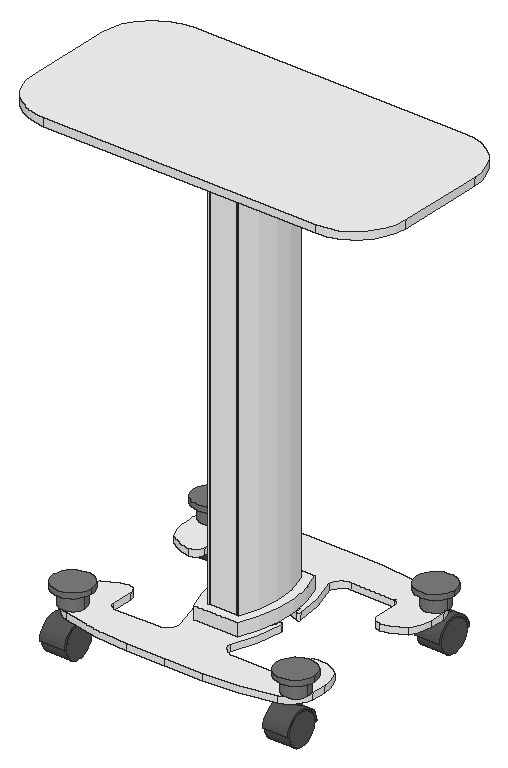
Revit family "Legrand Export Snap on Mini Columns", category Installations électriques, Revit 2020
Family settings
  Conserver l'orientation des annotations = Non
  Cote de connecteur circulaire = Utiliser le diamètre
  Type d'élément = Normal
  Basée sur le plan de construction = Non
  Toujours verticalement = Oui
  Couper avec des vides une fois chargée = Non
  Partagée = Non
  Point de calcul de pièce = Non
Parameters (values of type "Roll&Plug 2 cpts 0,68M White")
  Visibility Control Table [instance] = and(Shelf, not([4 CPT]))  # yes
  Visibility Control Stand [instance] = and(or(Feet, Visibility Control Casters), not(Black), not([4 CPT]))  # yes
  Visibility Control Casters [instance] = and(Casters option, not(Black), not([4 CPT]))  # yes
  Séparateur = if([4 CPT], 125 mm, 34.7 mm)  # 34.7 mm
  Standard = "Snap-on-ON"
  Offset [instance] = if(Visibility Control Casters, 68 mm, if(Visibility Control Stand, 10 mm, 0 mm))  # 68 mm
  Number of compartments = "2 compartments"
  Modèle = "LG-653029"
  Matériaux corps = Legrand - Aluminium blanc
  Matériau couvercle = Legrand - Plastique blanc
  Main Material = "Aluminum"
  Longueur = if([1 CPT], 82 mm, 125 mm)  # 125 mm
  Largeur = if([4 CPT], 125 mm, 75 mm)  # 75 mm
  Shelf [instance] = yes
  Finishing = "White"
  Feet [instance] = yes
  Casters option [instance] = yes
  H1 = 680 mm
  HC = H1 - 40 mm  # 640 mm
  Fabricant = "LEGRAND"
  Elévation par défaut = 0 mm
  Description = "roll and plug 2 cpts 0,68m White table foot wheels 6pc+e fs dble usb 4m p cable"
  Column stand = Movable feet : Foot for mini Column White
  Black = no
  4 CPT = no
  2 CPT = yes
  1 CPT = no
Types (19, lengths in mm): name | Visibility Control Table | Visibility Control Stand | Visibility Control Casters | Séparateur | Offset | Number of compartments | Modèle | Matériaux corps | Matériau couvercle | Main Material | Longueur | Largeur | Shelf | Finishing | Feet | Casters option | H1 | HC | Description | Column stand | Black | 4 CPT | 2 CPT | 1 CPT
  Column 1 cpt CV45 0,30M White | no | no | no | 34.7 | 0 | "1 compartment" | "LG-653000" | Legrand - Aluminium blanc | Legrand - Plastique blanc | "Aluminum" | 82 | 75 | no | "White" | no | no | 300 | 260 | "mini Column direct clipping 1 compartment 0,30m White" | Movable feet : Foot for mini Column White | no | no | no | yes
  Column 1 cpt CV45 0,30M Alu | no | no | no | 34.7 | 0 | "1 compartment" | "LG-653001" | Legrand - Aluminium gris | Legrand - Plastique gris | "Aluminum" | 82 | 75 | no | "Aluminum" | no | no | 300 | 260 | "mini Column direct clipping 1 compartment 0,30m Aluminium" | Movable feet : Foot for mini Column Alu | no | no | no | yes
  Column 1 cpt CV45 0,30M Black | no | no | no | 34.7 | 0 | "1 compartment" | "LG-653002" | Legrand - Aluminium noir | Legrand - Plastique noir | "Aluminum" | 82 | 75 | no | "Black" | no | no | 300 | 260 | "mini Column direct clipping 1 compartment 0,30m Black" | Shelf : Table for mini Column T1/2 | yes | no | no | yes
  Column 1 cpt CV45 0,68M White | no | no | no | 34.7 | 0 | "1 compartment" | "LG-653003" | Legrand - Aluminium blanc | Legrand - Plastique blanc | "Aluminum" | 82 | 75 | no | "White" | no | no | 680 | 640 | "mini Column direct clipping 1 compartment 0,68m White" | Movable feet : Foot for mini Column White | no | no | no | yes
  Column 1 cpt CV45 0,68M Alu | no | no | no | 34.7 | 0 | "1 compartment" | "LG-653004" | Legrand - Aluminium gris | Legrand - Plastique gris | "Aluminum" | 82 | 75 | no | "Aluminum" | no | no | 680 | 640 | "mini Column direct clipping 1 compartment 0,68m Aluminium" | Movable feet : Foot for mini Column Alu | no | no | no | yes
  Column 1 cpt CV45 0,68M Black | no | no | no | 34.7 | 0 | "1 compartment" | "LG-653005" | Legrand - Aluminium noir | Legrand - Plastique noir | "Aluminum" | 82 | 75 | no | "Black" | no | no | 680 | 640 | "mini Column direct clipping 1 compartment 0,68m Black" | Shelf : Table for mini Column T1/2 | yes | no | no | yes
  Column 2 cpts CV45 0,3M White | no | no | no | 34.7 | 0 | "2 compartments" | "LG-653020" | Legrand - Plastique blanc | Legrand - Plastique blanc | "Plastic" | 125 | 75 | no | "White" | no | no | 300 | 260 | "mini Column direct clipping 2 compartments 0,30m White" | Movable feet : Foot for mini Column White | no | no | yes | no
  Column 2 cpts CV45 0,3M Alu | no | no | no | 34.7 | 0 | "2 compartments" | "LG-653021" | Legrand - Aluminium gris | Legrand - Plastique gris | "Aluminum" | 125 | 75 | no | "Aluminum" | no | no | 300 | 260 | "mini Column direct clipping 2 compartments 0,30m Aluminium" | Movable feet : Foot for mini Column Alu | no | no | yes | no
  Column 2 cpts CV45 0,3M Black | no | no | no | 34.7 | 0 | "2 compartments" | "LG-653022" | Legrand - Aluminium noir | Legrand - Plastique noir | "Aluminum" | 125 | 75 | no | "Black" | no | no | 300 | 260 | "mini Column direct clipping 2 compartments 0,30m Black" | Shelf : Table for mini Column T1/2 | yes | no | yes | no
  Column 2 cpts 45 0,68M White | no | no | no | 34.7 | 0 | "2 compartments" | "LG-653023" | Legrand - Aluminium blanc | Legrand - Plastique blanc | "Aluminum" | 125 | 75 | no | "White" | no | no | 380 | 340 | "mini Column direct clipping 2 compartments 0,68m White" | Movable feet : Foot for mini Column White | no | no | yes | no
  Column 2 cpts CV45 0,68M Alu | no | no | no | 34.7 | 0 | "2 compartments" | "LG-653024" | Legrand - Aluminium gris | Legrand - Plastique gris | "Aluminum" | 125 | 75 | no | "Aluminum" | no | no | 680 | 640 | "mini Column direct clipping 2 compartments 0,68m Aluminium" | Movable feet : Foot for mini Column Alu | no | no | yes | no
  Column 2 cpts CV45 0,68M Black | no | no | no | 34.7 | 0 | "2 compartments" | "LG-653025" | Legrand - Aluminium noir | Legrand - Plastique noir | "Aluminum" | 125 | 75 | no | "Black" | no | no | 680 | 640 | "mini Column direct clipping 2 compartments 0,68m Black" | Shelf : Table for mini Column T1/2 | yes | no | yes | no
  Column 4 cpts 45 0,30M White | no | no | no | 125 | 0 | "4 compartments" | "LG-653040" | Legrand - Aluminium blanc | Legrand - Plastique blanc | "Aluminum" | 125 | 125 | no | "White" | no | no | 300 | 260 | "mini Column direct clipping 4 compartments 0,30m White" | Movable feet : Foot for mini Column White | no | yes | no | no
  Column 4 cpts CV45 0,30M Alu | no | no | no | 125 | 0 | "4 compartments" | "LG-653041" | Legrand - Aluminium gris | Legrand - Plastique gris | "Aluminum" | 125 | 125 | no | "Aluminum" | no | no | 300 | 260 | "mini Column direct clipping 4 compartments 0,30m Aluminium" | Movable feet : Foot for mini Column Alu | no | yes | no | no
  Column 4 cpts CV45 0,30M Black | no | no | no | 125 | 0 | "4 compartments" | "LG-653042" | Legrand - Aluminium noir | Legrand - Plastique noir | "Aluminum" | 125 | 125 | no | "Black" | no | no | 300 | 260 | "mini Column direct clipping 4 compartments 0,30m Black" | Shelf : Table for mini Column T1/2 | yes | yes | no | no
  Column 4 cpts CV45 0,68M Black | no | no | no | 125 | 0 | "4 compartments" | "LG-653045" | Legrand - Aluminium noir | Legrand - Plastique noir | "Aluminum" | 125 | 125 | no | "Black" | no | no | 680 | 640 | "mini Column direct clipping 4 compartments 0,68m Black" | Shelf : Table for mini Column T1/2 | yes | yes | no | no
  Column 4 cpts CV45 0,68M Alu | no | no | no | 125 | 0 | "4 compartments" | "LG-653044" | Legrand - Aluminium gris | Legrand - Plastique gris | "Aluminum" | 125 | 125 | no | "Aluminum" | no | no | 680 | 640 | "mini Column direct clipping 4 compartments 0,68m Aluminium" | Movable feet : Foot for mini Column Alu | no | yes | no | no
  Column 4 cpts 45 0,68M White | no | no | no | 125 | 0 | "4 compartments" | "LG-653043" | Legrand - Aluminium blanc | Legrand - Plastique blanc | "Aluminum" | 125 | 125 | no | "White" | no | no | 680 | 640 | "mini Column direct clipping 4 compartments 0,68m White" | Movable feet : Foot for mini Column White | no | yes | no | no
  Roll&Plug 2 cpts 0,68M White | yes | yes | yes | 34.7 | 68 | "2 compartments" | "LG-653029" | Legrand - Aluminium blanc | Legrand - Plastique blanc | "Aluminum" | 125 | 75 | yes | "White" | yes | yes | 680 | 640 | "roll and plug 2 cpts 0,68m White table foot wheels 6pc+e fs dble usb 4m p cable" | Movable feet : Foot for mini Column White | no | no | yes | no
Reference planes
  plane 1 "Centre (avant/arrière)": y = 0
  plane 2: z = 68
  plane 3 "Centre (gauche/droite)": x = 0
  plane 4: z = 748
  plane 5: x = 37.5
  plane 6: x = -37.5
  plane 7: y = 62.5
  plane 8: y = -62.5
  plane 9: x = -22.539
  plane 10: x = 22.539
  plane 11 "Bas Corps": z = 88
  plane 12 "Haut corps": z = 728
  plane 13: z = 0
  plane 14 "Connecteur": z = 408
Forms (mm)
  Extrusion 1, solid, material "Legrand - Aluminium blanc" <- "Matériaux corps"
    sketch origin (0, 0, 88) x (-1, 0, 0) y (0, -1, 0)
      loop
        arc (25.639, -62.5) -> (37.5, 0) -> (25.639, 62.5) r 170.6
        line (25.639, 62.5) -> (22.539, 62.5) -> (22.539, 17.358) -> (2.539, 17.358) -> (2.539, -17.358) -> (22.539, -17.358) -> (22.539, -62.5) -> (25.639, -62.5)
      loop
        arc (-25.639, 62.5) -> (-37.5, 0) -> (-25.639, -62.5) r 170.6
        line (-25.639, -62.5) -> (-22.539, -62.5) -> (-22.539, -17.358) -> (-2.539, -17.358) -> (-2.539, 17.358) -> (-22.539, 17.358) -> (-22.539, 62.5) -> (-25.639, 62.5)
    from 0 to 640 <- "HC"
  Extrusion 2, solid, material "Legrand - Aluminium blanc" <- "Matériaux corps"
    sketch origin (0, 0, 88) x (-1, 0, 0) y (0, -1, 0)
      loop
        line (2.55, -17.35) -> (2.55, 17.35) -> (-2.55, 17.35) -> (-2.55, -17.35) -> (2.55, -17.35)
    from 0 to 640 <- "HC"
  Extrusion 3, solid, material "Legrand - Plastique blanc" <- "Matériau couvercle"
    sketch origin (0, 0, 0) x (1, 0, 0) y (0, 1, 0)
      loop
        arc (-35.545, 77.5) -> (-52.5, 0) -> (-35.545, -77.5) r 185.6
        line (-35.545, -77.5) -> (35.545, -77.5)
        arc (35.545, -77.5) -> (52.5, 0) -> (35.545, 77.5) r 185.6
        line (35.545, 77.5) -> (-35.545, 77.5)
    from 68 to 88
  Extrusion 4, solid, material "Legrand - Plastique blanc" <- "Matériau couvercle"
    sketch origin (0, 0, 728) x (-1, 0, 0) y (0, -1, 0)
      loop
        arc (26.995, -64.5) -> (39.5, 0) -> (26.995, 64.5) r 172.6
        line (26.995, 64.5) -> (-26.995, 64.5)
        arc (-26.995, 64.5) -> (-39.5, 0) -> (-26.995, -64.5) r 172.6
        line (-26.995, -64.5) -> (26.995, -64.5)
    from 0 to 20
Cuts and joins
  joined: Extrusion 1, Extrusion 2
Dimensions and locks
  "H1": plane 4 to plane 2
  equal spacing: plane 7, plane 1 "Centre (avant/arrière)", plane 8
  equal spacing: plane 6, plane 3 "Centre (gauche/droite)", plane 5
  "Largeur": plane 6 to plane 5
  "Longueur": plane 7 to plane 8
  locked: plane 6 to plane 9 at 14.961
  locked: plane 10 to plane 5 at 14.961
  locked: Extrusion 1 sketch curve to plane 9 at 14.961
  locked: plane 10 to Extrusion 1 sketch curve at 14.961
  Extrusion 1 sketch curve to plane 1 "Centre (avant/arrière)" to Extrusion 1 sketch curve = 17.358 mm locked, 17.358 mm locked
  equal spacing: Extrusion 2 sketch curve, plane 3 "Centre (gauche/droite)", Extrusion 2 sketch curve
  equal spacing: Extrusion 2 sketch curve, plane 1 "Centre (avant/arrière)", Extrusion 2 sketch curve
  "Séparateur": Extrusion 2 sketch curve to Extrusion 2 sketch curve
  locked: Extrusion 2 sketch curve to Extrusion 2 sketch curve at 5.1
  locked: plane 11 "Bas Corps" to plane 2 at 20
  locked: plane 4 to plane 12 "Haut corps" at 20
  locked: Extrusion 3 sketch curve to plane 6 at 15
  Extrusion 3 sketch curve to plane 7 = 15 mm
  locked: Extrusion 3 sketch curve to plane 8 at 15
  locked: plane 5 to Extrusion 3 sketch curve at 15
  locked: Extrusion 4 sketch curve to plane 6 at 2
  locked: plane 5 to Extrusion 4 sketch curve at 2
  locked: Extrusion 4 sketch curve to plane 7 at 2
  locked: plane 8 to Extrusion 4 sketch curve at 2
  "Offset": plane 2 to plane 13
  equal spacing: plane 4, plane 14 "Connecteur", plane 2
  radius of Extrusion 1 sketch curve = 170.6 mm  (x2)
  radius of Extrusion 3 sketch curve = 185.6 mm  (x2)
  radius of Extrusion 4 sketch curve = 172.6 mm  (x2)
  aligned and locked: Extrusion 1 sketch curve to plane 7  (x2)
  aligned and locked: plane 8 to Extrusion 1 sketch curve  (x2)
  aligned and locked: plane 9 to Extrusion 1 sketch curve
  aligned and locked: plane 10 to Extrusion 1 sketch curve
  aligned and locked: nested 1 to Extrusion 1
  aligned and locked: nested 1 to plane 7
  aligned and locked: Extrusion 1 to nested 1
  aligned and locked: nested 2 to plane 7
  aligned and locked: nested 2 to Extrusion 1  (x2)
  aligned and locked: nested 3 to Extrusion 1  (x2)
  aligned and locked: plane 8 to nested 3
  aligned and locked: plane 8 to nested 4
  aligned and locked: nested 4 to Extrusion 1
  aligned and locked: nested 4 to nested 3
  aligned and locked: nested 4 to plane 11 "Bas Corps"
  aligned and locked: nested 3 to plane 11 "Bas Corps"
  aligned and locked: nested 2 to plane 11 "Bas Corps"
  aligned and locked: nested 1 to plane 11 "Bas Corps"
  aligned and locked: plane 11 "Bas Corps" to Extrusion 3
  aligned and locked: plane 4 to Extrusion 4
  aligned and locked: Extrusion 3 to plane 2
  aligned and locked: level to plane 13
Automatic sketch dimensions
  Extrusion 1 sketch curve to plane 10 = 0 mm
  Extrusion 1 sketch curve to plane 9 = 0 mm
  plane 1 "Centre (avant/arrière)" to Extrusion 1 sketch curve = 0 mm  (x2)
  plane 3 "Centre (gauche/droite)" to Extrusion 1 sketch curve = 2.539 mm
  Extrusion 1 sketch curve to plane 3 "Centre (gauche/droite)" = 2.539 mm
  Extrusion 1 sketch curve to plane 1 "Centre (avant/arrière)" = 17.358 mm
  plane 1 "Centre (avant/arrière)" to Extrusion 1 sketch curve = 17.358 mm
  plane 1 "Centre (avant/arrière)" to Extrusion 3 sketch curve = 0 mm  (x2)
  plane 1 "Centre (avant/arrière)" to Extrusion 4 sketch curve = 0 mm  (x2)
Nested families
  nested 1: "Column cover" at (-22.539, 62.5, 88), H1 <- "HC", Matériau <- "Matériau couvercle", type "Column cover"
    with Matériau Legrand - Plastique blanc, L1 45.142 mm, H1 640 mm
  nested 2: "Column cover" at (-22.461, 62.5, 88), visible <- "4 CPT", H1 <- "HC", Matériau <- "Matériau couvercle", type "Column cover"
    with Matériau Legrand - Plastique blanc, L1 45.142 mm, H1 640 mm
  nested 3: "Column cover" at (-22.461, -17.358, 88), visible <- "4 CPT", H1 <- "HC", Matériau <- "Matériau couvercle", type "Column cover"
    with Matériau Legrand - Plastique blanc, L1 45.142 mm, H1 640 mm
  nested 4: "Column cover" at (-22.539, -17.358, 88), H1 <- "HC", Matériau <- "Matériau couvercle", type "Column cover"
    with Matériau Legrand - Plastique blanc, L1 45.142 mm, H1 640 mm
  nested 5: "Shelf" at (0, 0, 748), visible <- "Visibility Control Table", type "Table for mini Column T1/2"
  nested 6: "Movable feet" at (0.11, -0.11, 68) x (0, -1, 0) z (0, 0, -1), type <- "Column stand", visible <- "Visibility Control Stand", type "Foot for mini Column White"
  nested 7: "Caster" at (-180.073, -153.848, 0) x (-1, 0, 0) z (0, 0, 1), visible <- "Visibility Control Casters", type "4 wheels with cable holder"
  nested 8: "Caster" at (180.073, -153.848, 0) x (-1, 0, 0) z (0, 0, 1), visible <- "Visibility Control Casters", type "4 wheels with cable holder"
  nested 9: "Caster" at (-180.073, 153.629, 0) x (-1, 0, 0) z (0, 0, 1), visible <- "Visibility Control Casters", type "4 wheels with cable holder"
  nested 10: "Caster" at (180.073, 153.629, 0) x (-1, 0, 0) z (0, 0, 1), visible <- "Visibility Control Casters", type "4 wheels with cable holder"
Connectors
  electrical at (0, 0, 408)
    settings: index 1, voltage 0 V, apparent load 0 VA, apparent load phase1 0 VA, apparent load phase2 0 VA, apparent load phase3 0 VA, power factor 1, load classification "Autre", number of poles 1, system type 31, power factor state 1, is connector primary yes, connector utility no, sub classification motor no, connector description ""
Definition of nested family "Column cover"
  Parameters (values of type "IDS_COLUMN_COVER")
    Matériau [instance] = none
    L1 [instance] = 187.766 mm
    H1 [instance] = 2660 mm
    Default Elevation = 0 mm
  Reference planes
    plane 1 "Centre (avant/arrière)": y = 0
    plane 2: z = 0
    plane 3 "Centre (gauche/droite)": x = 0
    plane 4: x = 45
    plane 5: y = -187.766
    plane 6: z = 2660
  Forms (mm)
    Extrusion 1, solid, material <- "Matériau"
      sketch origin (0, 0, 0) x (1, 0, 0) y (0, 1, 0)
        loop
          line (0, 0) -> (0, -187.766) -> (45, -187.766) -> (45, 0) -> (0, 0)
      from 0 to 2660
  Dimensions and locks
    plane 3 "Centre (gauche/droite)" to plane 4 = 45 mm
    "L1": plane 5 to plane 1 "Centre (avant/arrière)"
    "H1": plane 6 to plane 2
    aligned and locked: level to plane 2
    aligned and locked: plane 6 to Extrusion 1
  Automatic sketch dimensions
    Extrusion 1 sketch curve to plane 3 "Centre (gauche/droite)" = 0 mm
    Extrusion 1 sketch curve to plane 4 = 0 mm
    Extrusion 1 sketch curve to plane 5 = 0 mm
    plane 1 "Centre (avant/arrière)" to Extrusion 1 sketch curve = 0 mm
Definition of nested family "Shelf"
  Parameters (values of type "IDS_653084")
    Model = "LG-653084"
    Manufacturer = "LEGRAND"
    Default Elevation = 1219.2 mm
    Description = "IDS_DESCRITPION_LG-653084"
  Reference planes
    plane 1 "Centre (avant/arrière)": y = 0
    plane 2: z = 0
    plane 3 "Centre (gauche/droite)": x = 0
  Forms (mm)
    Extrusion 1, solid
      sketch origin (0, 0, 0) x (1, 0, 0) y (0, 1, 0)
        loop
          line (-1219.2, 1219.2) -> (-1219.2, -1219.2) -> (1219.2, -1219.2) -> (1219.2, 1219.2) -> (-1219.2, 1219.2)
      from 0 to -304.8
    Extrusion 2, solid
      sketch origin (0, 0, 0) x (1, 0, 0) y (0, 1, 0)
        loop
          arc (-220, 150) -> (-276.569, 126.569) -> (-300, 70) r 80
          line (-300, 70) -> (-300, -70)
          arc (-300, -70) -> (-276.569, -126.569) -> (-220, -150) r 80
          line (-220, -150) -> (220, -150)
          arc (220, -150) -> (276.569, -126.569) -> (300, -70) r 80
          line (300, -70) -> (300, 70)
          arc (300, 70) -> (276.569, 126.569) -> (220, 150) r 80
          line (220, 150) -> (-220, 150)
      from 0 to 12
  Dimensions and locks
    Extrusion 2 to Extrusion 2 = 600 mm
    Extrusion 2 to Extrusion 2 = 300 mm
    aligned and locked: plane 2 to Extrusion 1
    aligned and locked: level to Extrusion 1
Definition of nested family "Movable feet"
  Parameters (values of type "IDS_653087")
    Materiau = none
    Default Elevation = 1219.2 mm
  Types (3): name
    (no name)
    IDS_653086
    IDS_653087
  Reference planes
    plane 1 "Centre (avant/arrière)": y = 0
    plane 2: z = 0
    plane 3 "Centre (gauche/droite)": x = 0
    plane 4: y = -200
    plane 5: y = 200
    plane 6: x = -180
    plane 7: x = 180
  Forms (mm)
    Extrusion 1, solid
      sketch origin (0, 0, 0) x (1, 0, 0) y (0, 1, 0)
        loop
          line (-1219.2, 1219.2) -> (-1219.2, -1219.2) -> (1219.2, -1219.2) -> (1219.2, 1219.2) -> (-1219.2, 1219.2)
      from 0 to -304.8
    Extrusion 2, solid, material <- "Materiau"
      sketch origin (0, 0, 0) x (1, 0, 0) y (0, 1, 0)
        loop
          line (-180, 0) -> (-180, -61.189)
          arc (-180, -61.189) -> (-175.417, -115.996) -> (-165, -170) r 513.701
          arc (-165, -170) -> (-153.071, -189.987) -> (-132.058, -200) r 40.162
          line (-132.058, -200) -> (-107.825, -200)
          arc (-107.825, -200) -> (-90.864, -196.802) -> (-75, -190) r 79.091
          arc (-75, -190) -> (-65.429, -173.295) -> (-60.467, -154.692) r 74.359
          arc (-60.467, -154.692) -> (-64.771, -144.303) -> (-75.16, -140) r 14.692
          line (-75.16, -140) -> (-110, -140)
          arc (-110, -140) -> (-117.071, -137.071) -> (-120, -130) r 10
          line (-120, -130) -> (-120, -60.561)
          arc (-120, -60.561) -> (-114.142, -46.419) -> (-100, -40.561) r 20
          arc (-100, -40.561) -> (-60.66, -53.386) -> (-19.784, -59.807) r 260
          arc (-19.784, -59.807) -> (-16.958, -58.636) -> (-16.06, -55.711) r 3.591
          line (-16.06, -55.711) -> (-31.638, -12.913)
          arc (-31.638, -12.913) -> (-29.417, -0.22) -> (-17.905, 5.568) r 14.343
          line (-17.905, 5.568) -> (17.905, 5.568)
          arc (17.905, 5.568) -> (29.417, -0.22) -> (31.638, -12.913) r 14.343
          line (31.638, -12.913) -> (16.06, -55.711)
          arc (16.06, -55.711) -> (16.958, -58.636) -> (19.784, -59.807) r 3.591
          arc (19.784, -59.807) -> (60.66, -53.386) -> (100, -40.561) r 260
          arc (100, -40.561) -> (114.142, -46.419) -> (120, -60.561) r 20
          line (120, -60.561) -> (120, -130)
          arc (120, -130) -> (117.071, -137.071) -> (110, -140) r 10
          line (110, -140) -> (75.16, -140)
          arc (75.16, -140) -> (64.771, -144.303) -> (60.467, -154.692) r 14.692
          arc (60.467, -154.692) -> (65.429, -173.295) -> (75, -190) r 74.359
          arc (75, -190) -> (90.864, -196.802) -> (107.825, -200) r 79.091
          line (107.825, -200) -> (132.058, -200)
          arc (132.058, -200) -> (153.071, -189.987) -> (165, -170) r 40.162
          arc (165, -170) -> (175.417, -115.996) -> (180, -61.189) r 513.701
          line (180, -61.189) -> (180, 0) -> (180, 61.189)
          arc (180, 61.189) -> (175.417, 115.996) -> (165, 170) r 513.701
          arc (165, 170) -> (148.307, 193.71) -> (120, 200) r 40.162
          arc (120, 200) -> (96.755, 198.351) -> (75, 190) r 79.091
          arc (75, 190) -> (65.429, 173.295) -> (60.467, 154.692) r 74.359
          arc (60.467, 154.692) -> (64.771, 144.303) -> (75.16, 140) r 14.692
          line (75.16, 140) -> (110, 140)
          arc (110, 140) -> (117.071, 137.071) -> (120, 130) r 10
          line (120, 130) -> (120, 60.561)
          arc (120, 60.561) -> (114.142, 46.419) -> (100, 40.561) r 20
          arc (100, 40.561) -> (0, 60.561) -> (-100, 40.561) r 260
          arc (-100, 40.561) -> (-114.142, 46.419) -> (-120, 60.561) r 20
          line (-120, 60.561) -> (-120, 130)
          arc (-120, 130) -> (-117.071, 137.071) -> (-110, 140) r 10
          line (-110, 140) -> (-75.16, 140)
          arc (-75.16, 140) -> (-64.771, 144.303) -> (-60.467, 154.692) r 14.692
          arc (-60.467, 154.692) -> (-65.429, 173.295) -> (-75, 190) r 74.359
          arc (-75, 190) -> (-96.755, 198.351) -> (-120, 200) r 79.091
          arc (-120, 200) -> (-148.307, 193.71) -> (-165, 170) r 40.162
          arc (-165, 170) -> (-175.417, 115.996) -> (-180, 61.189) r 513.701
          line (-180, 61.189) -> (-180, 0)
      from 0 to 10
    Extrusion 3, void
      sketch origin (0, 0, 0) x (1, 0, 0) y (0, 1, 0)
        loop
          circle (141.373, -180.262) r 5
        loop
          circle (-141.373, -180.262) r 5
        loop
          circle (141.373, 180.262) r 5
        loop
          circle (-141.373, 180.262) r 5
      from 0 to 10
    Extrusion 4, void
      sketch origin (0, 0, 0) x (1, 0, 0) y (0, 1, 0)
        loop
          circle (-24.029, -51.565) r 2.527
        loop
          circle (24.029, -51.565) r 2.527
        loop
          circle (-29.084, 51.565) r 2.527
        loop
          circle (29.084, 51.565) r 2.527
      from 0 to 10
  Cuts and joins
    Extrusion 3, Extrusion 4 cuts Extrusion 2
  Dimensions and locks
    plane 5 to plane 4 = 400 mm
    plane 6 to plane 7 = 360 mm
    aligned and locked: plane 2 to Extrusion 1
    aligned and locked: level to Extrusion 1
Definition of nested family "Caster"
  Parameters (values of type "Roulette")
    Model = "LG-653088"
    Manufacturer = "LEGRAND"
    Default Elevation = 0 mm
    Description = "IDS_DESCRITPION_LG-653088"
  Reference planes
    plane 1 "Centre (avant/arrière)": y = 0
    plane 2: z = 0
    plane 3 "Centre (gauche/droite)": x = 0
  Forms (mm)
    Extrusion 1, solid
      sketch origin (0, 167.844, 41.5) x (0, 1, 0) y (0, 0, 1)
        loop
          circle (-167.847, -16.5) r 25
      from -20 to 20
    Sweep 2, solid
      path origin (0, 167.844, 43.862) x (0, 1, 0) y (0, 0, 1)
        loop
          arc (-140.847, -18.5) -> (-167.847, 8.5) -> (-194.847, -18.5) r 27
      profile origin (0, -0.003, 52.362) x (0, 0, -1) y (1, 0, 0)
        loop
          line (0, -20) -> (0, 20) -> (-2, 20) -> (-2, -20) -> (0, -20)
    Extrusion 3, solid
      sketch origin (134.69, 165.347, 0) x (1, 0, 0) y (0, 1, 0)
        loop
          circle (-134.69, -177.847) r 8
      from 39.162 to 68
    Extrusion 4, solid
      sketch origin (134.69, 155.347, 28) x (1, 0, 0) y (0, 1, 0)
        loop
          circle (-134.69, -167.847) r 20
      from 40 to 64
    Extrusion 5, solid
      sketch origin (134.69, 155.347, 40) x (1, 0, 0) y (0, 1, 0)
        loop
          circle (-134.69, -167.847) r 30
      from 52 to 60
  Dimensions and locks
    aligned and locked: level to plane 2
